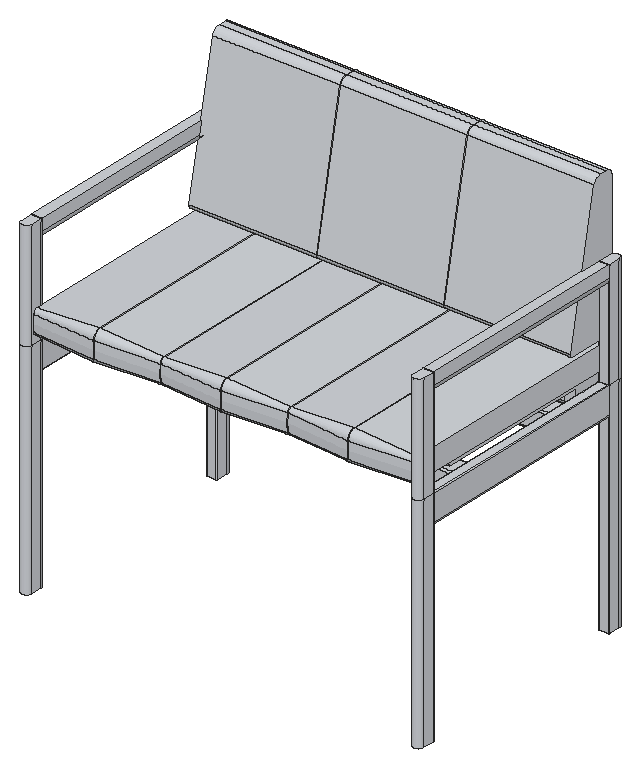
Revit family "Halo Bench", category Furniture, Revit 2015
Parameters (values of type "18dx 27w")
  URL = "http://www.halconfurniture.com/products/halo?slide=0"
  Offset = if(Arms, 0' 0 3/4", 0' 1 1/2")  # 0' - 0 3/4"
  No Arms = not(Arms)  # no
  Model = "Halo"
  Manufacturer = "HALCON Furniture"
  Cushion Depth = if([18d Cushion], 1' 3 1/2", 1' 6 1/2")  # 1' - 3 1/2"
  Cushion Array = Bench Width / 0' 9"  # 3
  Center Leg = Bench Width > 6' 0"  # no
  Bench Width = 2' - 3"
  Bench Depth = 0' - 9"
  Arms = yes
  21d Cushion = no
  18d Cushion = yes
Types (29): name | URL | Offset | No Arms | Model | Manufacturer | Cushion Depth | Cushion Array | Center Leg | Bench Width | Arms | 21d Cushion | 18d Cushion
  (no name) | "http://www.halconfurniture.com/products/halo?slide=0" | 0' - 0 3/4" | no | "Halo" | "HALCON Furniture" | 1' - 3 1/2" | 3 | no | 2' - 3" | yes | no | yes
  18dx144w | 0' - 0" | 0' - 0 3/4" | no | 0' - 0" | 0' - 0" | 1' - 3 1/2" | 16 | yes | 12' - 0" | yes | no | yes
  18dx135w | 0' - 0" | 0' - 0 3/4" | no | 0' - 0" | 0' - 0" | 1' - 3 1/2" | 15 | yes | 11' - 3" | yes | no | yes
  18dx126w | 0' - 0" | 0' - 0 3/4" | no | 0' - 0" | 0' - 0" | 1' - 3 1/2" | 14 | yes | 10' - 6" | yes | no | yes
  18dx117w | 0' - 0" | 0' - 0 3/4" | no | 0' - 0" | 0' - 0" | 1' - 3 1/2" | 13 | yes | 9' - 9" | yes | no | yes
  18dx108w | 0' - 0" | 0' - 0 3/4" | no | 0' - 0" | 0' - 0" | 1' - 3 1/2" | 12 | yes | 9' - 0" | yes | no | yes
  18dx 99w | 0' - 0" | 0' - 0 3/4" | no | 0' - 0" | 0' - 0" | 1' - 3 1/2" | 11 | yes | 8' - 3" | yes | no | yes
  18dx 90w | 0' - 0" | 0' - 0 3/4" | no | 0' - 0" | 0' - 0" | 1' - 3 1/2" | 10 | yes | 7' - 6" | yes | no | yes
  18dx 81w | 0' - 0" | 0' - 0 3/4" | no | 0' - 0" | 0' - 0" | 1' - 3 1/2" | 9 | yes | 6' - 9" | yes | no | yes
  18dx 72w | 0' - 0" | 0' - 0 3/4" | no | 0' - 0" | 0' - 0" | 1' - 3 1/2" | 8 | no | 6' - 0" | yes | no | yes
  18dx 63w | 0' - 0" | 0' - 0 3/4" | no | 0' - 0" | 0' - 0" | 1' - 3 1/2" | 7 | no | 5' - 3" | yes | no | yes
  18dx 54w | 0' - 0" | 0' - 0 3/4" | no | 0' - 0" | 0' - 0" | 1' - 3 1/2" | 6 | no | 4' - 6" | yes | no | yes
  18dx 45w | 0' - 0" | 0' - 0 3/4" | no | 0' - 0" | 0' - 0" | 1' - 3 1/2" | 5 | no | 3' - 9" | yes | no | yes
  18dx 36w | 0' - 0" | 0' - 1 1/2" | yes | 0' - 0" | 0' - 0" | 1' - 3 1/2" | 4 | no | 3' - 0" | no | no | yes
  18dx 27w | "http://www.halconfurniture.com/products/halo?slide=0" | 0' - 0 3/4" | no | "Halo" | "HALCON Furniture" | 1' - 3 1/2" | 3 | no | 2' - 3" | yes | no | yes
  21dx27w | 0' - 0" | 0' - 0 3/4" | no | 0' - 0" | 0' - 0" | 1' - 6 1/2" | 3 | no | 2' - 3" | yes | yes | no
  21dx36w | 0' - 0" | 0' - 1 1/2" | yes | 0' - 0" | 0' - 0" | 1' - 6 1/2" | 4 | no | 3' - 0" | no | yes | no
  21dx45w | 0' - 0" | 0' - 0 3/4" | no | 0' - 0" | 0' - 0" | 1' - 6 1/2" | 5 | no | 3' - 9" | yes | yes | no
  21dx54w | 0' - 0" | 0' - 0 3/4" | no | 0' - 0" | 0' - 0" | 1' - 6 1/2" | 6 | no | 4' - 6" | yes | yes | no
  21dx63w | 0' - 0" | 0' - 0 3/4" | no | 0' - 0" | 0' - 0" | 1' - 6 1/2" | 7 | no | 5' - 3" | yes | yes | no
  21dx72w | 0' - 0" | 0' - 0 3/4" | no | 0' - 0" | 0' - 0" | 1' - 6 1/2" | 8 | no | 6' - 0" | yes | yes | no
  21dx81w | 0' - 0" | 0' - 0 3/4" | no | 0' - 0" | 0' - 0" | 1' - 6 1/2" | 9 | yes | 6' - 9" | yes | yes | no
  21dx90w | 0' - 0" | 0' - 0 3/4" | no | 0' - 0" | 0' - 0" | 1' - 6 1/2" | 10 | yes | 7' - 6" | yes | yes | no
  21dx99w | 0' - 0" | 0' - 0 3/4" | no | 0' - 0" | 0' - 0" | 1' - 6 1/2" | 11 | yes | 8' - 3" | yes | yes | no
  21dx108w | 0' - 0" | 0' - 0 3/4" | no | 0' - 0" | 0' - 0" | 1' - 6 1/2" | 12 | yes | 9' - 0" | yes | yes | no
  21dx117w | 0' - 0" | 0' - 0 3/4" | no | 0' - 0" | 0' - 0" | 1' - 6 1/2" | 13 | yes | 9' - 9" | yes | yes | no
  21dx126w | 0' - 0" | 0' - 0 3/4" | no | 0' - 0" | 0' - 0" | 1' - 6 1/2" | 14 | yes | 10' - 6" | yes | yes | no
  21dx135w | 0' - 0" | 0' - 0 3/4" | no | 0' - 0" | 0' - 0" | 1' - 6 1/2" | 15 | yes | 11' - 3" | yes | yes | no
  21dx144w | "http://www.halconfurniture.com/products/halo?slide=0" | 0' - 0 3/4" | no | "Halo" | "HALCON Furniture" | 1' - 6 1/2" | 16 | yes | 12' - 0" | yes | yes | no
Reference planes (in)
  plane 1 "Center Front/Back": y = 0
  plane 2: z = 0
  plane 3 "Center Left/Right": x = 0
  plane 4: x = 4.5
  plane 5: x = -22.5
  plane 6: x = -9
  plane 7: x = 3.75
  plane 8: x = -21.75
Forms (in)
  Extrusion 1, solid, visible <- "Arms"
    sketch origin (4.875, 0, 0) x (1, 0, 0) y (0, 1, 0)
      loop
        arc (-0.375, 7.8125) -> (-0.35669, 7.76831) -> (-0.3125, 7.75) r 0.0625
        line (-0.3125, 7.75) -> (0.3125, 7.75)
        arc (0.3125, 7.75) -> (0.35669, 7.76831) -> (0.375, 7.8125) r 0.0625
        line (0.375, 7.8125) -> (0.375, 8.625)
        arc (0.375, 8.625) -> (0, 9) -> (-0.375, 8.625) r 0.375
        line (-0.375, 8.625) -> (-0.375, 7.8125)
      loop
        line (-0.375, -7.8125) -> (-0.375, -8.625)
        arc (-0.375, -8.625) -> (0, -9) -> (0.375, -8.625) r 0.375
        line (0.375, -8.625) -> (0.375, -7.8125)
        arc (0.375, -7.8125) -> (0.35669, -7.76831) -> (0.3125, -7.75) r 0.0625
        line (0.3125, -7.75) -> (-0.3125, -7.75)
        arc (-0.3125, -7.75) -> (-0.35669, -7.76831) -> (-0.375, -7.8125) r 0.0625
    from 0 to 15.75
  Extrusion 2, solid, visible <- "Arms"
    sketch origin (4.875, 0, 0) x (1, 0, 0) y (0, 0, 1)
      loop
        arc (-0.3125, 15.75) -> (-0.35669, 15.73169) -> (-0.375, 15.6875) r 0.0625
        line (-0.375, 15.6875) -> (-0.375, 13.8125)
        arc (-0.375, 13.8125) -> (-0.35669, 13.76831) -> (-0.3125, 13.75) r 0.0625
        line (-0.3125, 13.75) -> (0.3125, 13.75)
        arc (0.3125, 13.75) -> (0.35669, 13.76831) -> (0.375, 13.8125) r 0.0625
        line (0.375, 13.8125) -> (0.375, 15.6875)
        arc (0.375, 15.6875) -> (0.35669, 15.73169) -> (0.3125, 15.75) r 0.0625
        line (0.3125, 15.75) -> (-0.3125, 15.75)
    from -7.75 to 7.75
  Extrusion 3, solid, visible <- "Arms", not visible
    sketch origin (0, 0, 0) x (1, 0, 0) y (0, 1, 0)
      loop
        arc (-0.375, 7.8125) -> (-0.35669, 7.76831) -> (-0.3125, 7.75) r 0.0625
        line (-0.3125, 7.75) -> (0.3125, 7.75)
        arc (0.3125, 7.75) -> (0.35669, 7.76831) -> (0.375, 7.8125) r 0.0625
        line (0.375, 7.8125) -> (0.375, 8.625)
        arc (0.375, 8.625) -> (0, 9) -> (-0.375, 8.625) r 0.375
        line (-0.375, 8.625) -> (-0.375, 7.8125)
      loop
        line (-0.375, -7.8125) -> (-0.375, -8.625)
        arc (-0.375, -8.625) -> (0, -9) -> (0.375, -8.625) r 0.375
        line (0.375, -8.625) -> (0.375, -7.8125)
        arc (0.375, -7.8125) -> (0.35669, -7.76831) -> (0.3125, -7.75) r 0.0625
        line (0.3125, -7.75) -> (-0.3125, -7.75)
        arc (-0.3125, -7.75) -> (-0.35669, -7.76831) -> (-0.375, -7.8125) r 0.0625
    from 0 to 15.75
  Extrusion 4, solid, visible <- "Arms", not visible
    sketch origin (0, 0, 0) x (1, 0, 0) y (0, 0, 1)
      loop
        arc (-0.3125, 15.75) -> (-0.35669, 15.73169) -> (-0.375, 15.6875) r 0.0625
        line (-0.375, 15.6875) -> (-0.375, 13.8125)
        arc (-0.375, 13.8125) -> (-0.35669, 13.76831) -> (-0.3125, 13.75) r 0.0625
        line (-0.3125, 13.75) -> (0.3125, 13.75)
        arc (0.3125, 13.75) -> (0.35669, 13.76831) -> (0.375, 13.8125) r 0.0625
        line (0.375, 13.8125) -> (0.375, 15.6875)
        arc (0.375, 15.6875) -> (0.35669, 15.73169) -> (0.3125, 15.75) r 0.0625
        line (0.3125, 15.75) -> (-0.3125, 15.75)
    from -7.75 to 7.75
  Extrusion 5, solid
    sketch origin (3, 0, 0) x (0, 1, 0) y (0, 0, 1)
      loop
        line (-5.125, 16.25) -> (-5.125, 16.125) -> (-4.5, 15.5) -> (6.625, 15.5) -> (6.625, 13) -> (8.89645, 13)
        arc (8.89645, 13) -> (9.18659, 12.5054) -> (9.625, 12.875) r 0.375
        line (9.625, 12.875) -> (9.625, 26.62403)
        arc (9.625, 26.62403) -> (9.25, 26.99903) -> (8.875, 26.62403) r 0.375
        line (8.875, 26.62403) -> (8.875, 16.0625)
        arc (8.875, 16.0625) -> (8.74686, 15.75314) -> (8.4375, 15.625) r 0.4375
        line (8.4375, 15.625) -> (8.375, 15.625) -> (7.75, 16.25) -> (-5.125, 16.25)
    from 0 to 0.75
  Extrusion 6, solid
    sketch origin (0, 0, 0) x (0, 1, 0) y (0, 0, 1)
      loop
        circle (9.25, 26.62403) r 0.375
      loop
        circle (9.25, 12.875) r 0.375
    from -21 to 3
  Extrusion 7, solid
    sketch origin (0, 0, 0) x (0, 1, 0) y (0, 0, 1)
      loop
        arc (-4.86338, 15.5) -> (-4.95157, 15.45157) -> (-5, 15.36338) r 0.18
        line (-5, 15.36338) -> (-5, 14.13662)
        arc (-5, 14.13662) -> (-4.95157, 14.04843) -> (-4.86338, 14) r 0.18
        line (-4.86338, 14) -> (-3.63662, 14)
        arc (-3.63662, 14) -> (-3.54843, 14.04843) -> (-3.5, 14.13662) r 0.18
        line (-3.5, 14.13662) -> (-3.5, 15.36338)
        arc (-3.5, 15.36338) -> (-3.54843, 15.45157) -> (-3.63662, 15.5) r 0.18
        line (-3.63662, 15.5) -> (-4.86338, 15.5)
      loop
        arc (3.63662, 15.5) -> (3.54843, 15.45157) -> (3.5, 15.36338) r 0.18
        line (3.5, 15.36338) -> (3.5, 14.13662)
        arc (3.5, 14.13662) -> (3.54843, 14.04843) -> (3.63662, 14) r 0.18
        line (3.63662, 14) -> (4.86338, 14)
        arc (4.86338, 14) -> (4.95157, 14.04843) -> (5, 14.13662) r 0.18
        line (5, 14.13662) -> (5, 15.36338)
        arc (5, 15.36338) -> (4.95157, 15.45157) -> (4.86338, 15.5) r 0.18
        line (4.86338, 15.5) -> (3.63662, 15.5)
    from -22.5 to 4.5
  Extrusion 8, solid, visible <- "Arms"
    sketch origin (0, 0, 0) x (1, 0, 0) y (0, 1, 0)
      loop
        line (4.5625, 7.75) -> (5.1875, 7.75)
        arc (5.1875, 7.75) -> (5.23169, 7.76831) -> (5.25, 7.8125) r 0.0625
        line (5.25, 7.8125) -> (5.25, 8.625)
        arc (5.25, 8.625) -> (4.875, 9) -> (4.5, 8.625) r 0.375
        line (4.5, 8.625) -> (4.5, 7.8125)
        arc (4.5, 7.8125) -> (4.51831, 7.76831) -> (4.5625, 7.75) r 0.0625
      loop
        arc (4.5, -8.625) -> (4.875, -9) -> (5.25, -8.625) r 0.375
        line (5.25, -8.625) -> (5.25, -7.8125)
        arc (5.25, -7.8125) -> (5.23169, -7.76831) -> (5.1875, -7.75) r 0.0625
        line (5.1875, -7.75) -> (4.5625, -7.75)
        arc (4.5625, -7.75) -> (4.51831, -7.76831) -> (4.5, -7.8125) r 0.0625
        line (4.5, -7.8125) -> (4.5, -8.625)
    from 15.75 to 23.38672
  Extrusion 9, solid, visible <- "Arms"
    sketch origin (0, 0, 0) x (1, 0, 0) y (0, 0, 1)
      loop
        line (4.5, 23.38672) -> (4.5, 22.50972)
        arc (4.5, 22.50972) -> (4.875, 22.13472) -> (5.25, 22.50972) r 0.375
        line (5.25, 22.50972) -> (5.25, 23.38672) -> (4.5, 23.38672)
    from -7.75 to 7.75
  Extrusion 10, solid, visible <- "Arms", not visible
    sketch origin (0, 0, 0) x (1, 0, 0) y (0, 1, 0)
      loop
        line (4.5625, 7.75) -> (5.1875, 7.75)
        arc (5.1875, 7.75) -> (5.23169, 7.76831) -> (5.25, 7.8125) r 0.0625
        line (5.25, 7.8125) -> (5.25, 8.625)
        arc (5.25, 8.625) -> (4.875, 9) -> (4.5, 8.625) r 0.375
        line (4.5, 8.625) -> (4.5, 7.8125)
        arc (4.5, 7.8125) -> (4.51831, 7.76831) -> (4.5625, 7.75) r 0.0625
      loop
        arc (4.5, -8.625) -> (4.875, -9) -> (5.25, -8.625) r 0.375
        line (5.25, -8.625) -> (5.25, -7.8125)
        arc (5.25, -7.8125) -> (5.23169, -7.76831) -> (5.1875, -7.75) r 0.0625
        line (5.1875, -7.75) -> (4.5625, -7.75)
        arc (4.5625, -7.75) -> (4.51831, -7.76831) -> (4.5, -7.8125) r 0.0625
        line (4.5, -7.8125) -> (4.5, -8.625)
    from 15.75 to 23.38672
  Extrusion 11, solid, visible <- "Arms", not visible
    sketch origin (0, 0, 0) x (1, 0, 0) y (0, 0, 1)
      loop
        line (4.5, 23.38672) -> (4.5, 22.50972)
        arc (4.5, 22.50972) -> (4.875, 22.13472) -> (5.25, 22.50972) r 0.375
        line (5.25, 22.50972) -> (5.25, 23.38672) -> (4.5, 23.38672)
    from -7.75 to 7.75
  Extrusion 12, solid, visible <- "Arms"
    sketch origin (-22.875, 0, 0) x (1, 0, 0) y (0, 1, 0)
      loop
        arc (-0.375, 7.8125) -> (-0.35669, 7.76831) -> (-0.3125, 7.75) r 0.0625
        line (-0.3125, 7.75) -> (0.3125, 7.75)
        arc (0.3125, 7.75) -> (0.35669, 7.76831) -> (0.375, 7.8125) r 0.0625
        line (0.375, 7.8125) -> (0.375, 8.625)
        arc (0.375, 8.625) -> (0, 9) -> (-0.375, 8.625) r 0.375
        line (-0.375, 8.625) -> (-0.375, 7.8125)
      loop
        line (-0.375, -7.8125) -> (-0.375, -8.625)
        arc (-0.375, -8.625) -> (0, -9) -> (0.375, -8.625) r 0.375
        line (0.375, -8.625) -> (0.375, -7.8125)
        arc (0.375, -7.8125) -> (0.35669, -7.76831) -> (0.3125, -7.75) r 0.0625
        line (0.3125, -7.75) -> (-0.3125, -7.75)
        arc (-0.3125, -7.75) -> (-0.35669, -7.76831) -> (-0.375, -7.8125) r 0.0625
    from 0 to 15.75
  Extrusion 13, solid, visible <- "Arms"
    sketch origin (-22.875, 0, 0) x (1, 0, 0) y (0, 0, 1)
      loop
        arc (-0.3125, 15.75) -> (-0.35669, 15.73169) -> (-0.375, 15.6875) r 0.0625
        line (-0.375, 15.6875) -> (-0.375, 13.8125)
        arc (-0.375, 13.8125) -> (-0.35669, 13.76831) -> (-0.3125, 13.75) r 0.0625
        line (-0.3125, 13.75) -> (0.3125, 13.75)
        arc (0.3125, 13.75) -> (0.35669, 13.76831) -> (0.375, 13.8125) r 0.0625
        line (0.375, 13.8125) -> (0.375, 15.6875)
        arc (0.375, 15.6875) -> (0.35669, 15.73169) -> (0.3125, 15.75) r 0.0625
        line (0.3125, 15.75) -> (-0.3125, 15.75)
    from -7.75 to 7.75
  Extrusion 14, solid, visible <- "Arms"
    sketch origin (-27.75, 0, 0) x (1, 0, 0) y (0, 1, 0)
      loop
        line (4.5625, 7.75) -> (5.1875, 7.75)
        arc (5.1875, 7.75) -> (5.23169, 7.76831) -> (5.25, 7.8125) r 0.0625
        line (5.25, 7.8125) -> (5.25, 8.625)
        arc (5.25, 8.625) -> (4.875, 9) -> (4.5, 8.625) r 0.375
        line (4.5, 8.625) -> (4.5, 7.8125)
        arc (4.5, 7.8125) -> (4.51831, 7.76831) -> (4.5625, 7.75) r 0.0625
      loop
        arc (4.5, -8.625) -> (4.875, -9) -> (5.25, -8.625) r 0.375
        line (5.25, -8.625) -> (5.25, -7.8125)
        arc (5.25, -7.8125) -> (5.23169, -7.76831) -> (5.1875, -7.75) r 0.0625
        line (5.1875, -7.75) -> (4.5625, -7.75)
        arc (4.5625, -7.75) -> (4.51831, -7.76831) -> (4.5, -7.8125) r 0.0625
        line (4.5, -7.8125) -> (4.5, -8.625)
    from 15.75 to 23.38672
  Extrusion 15, solid, visible <- "Arms"
    sketch origin (-27.75, 0, 0) x (1, 0, 0) y (0, 0, 1)
      loop
        line (4.5, 23.38672) -> (4.5, 22.50972)
        arc (4.5, 22.50972) -> (4.875, 22.13472) -> (5.25, 22.50972) r 0.375
        line (5.25, 22.50972) -> (5.25, 23.38672) -> (4.5, 23.38672)
    from -7.75 to 7.75
  Extrusion 16, solid, visible <- "Center Leg", not visible
    sketch origin (0, 0, 0) x (1, 0, 0) y (0, 1, 0)
      loop
        arc (-0.375, 7.8125) -> (-0.35669, 7.76831) -> (-0.3125, 7.75) r 0.0625
        line (-0.3125, 7.75) -> (0.3125, 7.75)
        arc (0.3125, 7.75) -> (0.35669, 7.76831) -> (0.375, 7.8125) r 0.0625
        line (0.375, 7.8125) -> (0.375, 8.625)
        arc (0.375, 8.625) -> (0, 9) -> (-0.375, 8.625) r 0.375
        line (-0.375, 8.625) -> (-0.375, 7.8125)
      loop
        line (-0.375, -7.8125) -> (-0.375, -8.625)
        arc (-0.375, -8.625) -> (0, -9) -> (0.375, -8.625) r 0.375
        line (0.375, -8.625) -> (0.375, -7.8125)
        arc (0.375, -7.8125) -> (0.35669, -7.76831) -> (0.3125, -7.75) r 0.0625
        line (0.3125, -7.75) -> (-0.3125, -7.75)
        arc (-0.3125, -7.75) -> (-0.35669, -7.76831) -> (-0.375, -7.8125) r 0.0625
    from 0 to 15.75
  Extrusion 17, solid, visible <- "Center Leg", not visible
    sketch origin (0, 0, 0) x (1, 0, 0) y (0, 0, 1)
      loop
        arc (-0.3125, 15.75) -> (-0.35669, 15.73169) -> (-0.375, 15.6875) r 0.0625
        line (-0.375, 15.6875) -> (-0.375, 13.8125)
        arc (-0.375, 13.8125) -> (-0.35669, 13.76831) -> (-0.3125, 13.75) r 0.0625
        line (-0.3125, 13.75) -> (0.3125, 13.75)
        arc (0.3125, 13.75) -> (0.35669, 13.76831) -> (0.375, 13.8125) r 0.0625
        line (0.375, 13.8125) -> (0.375, 15.6875)
        arc (0.375, 15.6875) -> (0.35669, 15.73169) -> (0.3125, 15.75) r 0.0625
        line (0.3125, 15.75) -> (-0.3125, 15.75)
    from -7.75 to 7.75
  Extrusion 18, solid, visible <- "Center Leg"
    sketch origin (-9, 0, 0) x (1, 0, 0) y (0, 1, 0)
      loop
        arc (-0.375, 7.8125) -> (-0.35669, 7.76831) -> (-0.3125, 7.75) r 0.0625
        line (-0.3125, 7.75) -> (0.3125, 7.75)
        arc (0.3125, 7.75) -> (0.35669, 7.76831) -> (0.375, 7.8125) r 0.0625
        line (0.375, 7.8125) -> (0.375, 8.625)
        arc (0.375, 8.625) -> (0, 9) -> (-0.375, 8.625) r 0.375
        line (-0.375, 8.625) -> (-0.375, 7.8125)
      loop
        line (-0.375, -7.8125) -> (-0.375, -8.625)
        arc (-0.375, -8.625) -> (0, -9) -> (0.375, -8.625) r 0.375
        line (0.375, -8.625) -> (0.375, -7.8125)
        arc (0.375, -7.8125) -> (0.35669, -7.76831) -> (0.3125, -7.75) r 0.0625
        line (0.3125, -7.75) -> (-0.3125, -7.75)
        arc (-0.3125, -7.75) -> (-0.35669, -7.76831) -> (-0.375, -7.8125) r 0.0625
    from 0 to 15.75
  Extrusion 19, solid, visible <- "Center Leg"
    sketch origin (-9, 0, 0) x (1, 0, 0) y (0, 0, 1)
      loop
        arc (-0.3125, 15.75) -> (-0.35669, 15.73169) -> (-0.375, 15.6875) r 0.0625
        line (-0.375, 15.6875) -> (-0.375, 13.8125)
        arc (-0.375, 13.8125) -> (-0.35669, 13.76831) -> (-0.3125, 13.75) r 0.0625
        line (-0.3125, 13.75) -> (0.3125, 13.75)
        arc (0.3125, 13.75) -> (0.35669, 13.76831) -> (0.375, 13.8125) r 0.0625
        line (0.375, 13.8125) -> (0.375, 15.6875)
        arc (0.375, 15.6875) -> (0.35669, 15.73169) -> (0.3125, 15.75) r 0.0625
        line (0.3125, 15.75) -> (-0.3125, 15.75)
    from -7.75 to 7.75
  Extrusion 20, solid, visible <- "No Arms"
    sketch origin (-22.125, 0, 0) x (1, 0, 0) y (0, 1, 0)
      loop
        arc (-0.375, 7.8125) -> (-0.35669, 7.76831) -> (-0.3125, 7.75) r 0.0625
        line (-0.3125, 7.75) -> (0.3125, 7.75)
        arc (0.3125, 7.75) -> (0.35669, 7.76831) -> (0.375, 7.8125) r 0.0625
        line (0.375, 7.8125) -> (0.375, 8.625)
        arc (0.375, 8.625) -> (0, 9) -> (-0.375, 8.625) r 0.375
        line (-0.375, 8.625) -> (-0.375, 7.8125)
      loop
        line (-0.375, -7.8125) -> (-0.375, -8.625)
        arc (-0.375, -8.625) -> (0, -9) -> (0.375, -8.625) r 0.375
        line (0.375, -8.625) -> (0.375, -7.8125)
        arc (0.375, -7.8125) -> (0.35669, -7.76831) -> (0.3125, -7.75) r 0.0625
        line (0.3125, -7.75) -> (-0.3125, -7.75)
        arc (-0.3125, -7.75) -> (-0.35669, -7.76831) -> (-0.375, -7.8125) r 0.0625
    from 0 to 15.75
  Extrusion 21, solid, visible <- "No Arms"
    sketch origin (-22.125, 0, 0) x (1, 0, 0) y (0, 0, 1)
      loop
        arc (-0.3125, 15.75) -> (-0.35669, 15.73169) -> (-0.375, 15.6875) r 0.0625
        line (-0.375, 15.6875) -> (-0.375, 13.8125)
        arc (-0.375, 13.8125) -> (-0.35669, 13.76831) -> (-0.3125, 13.75) r 0.0625
        line (-0.3125, 13.75) -> (0.3125, 13.75)
        arc (0.3125, 13.75) -> (0.35669, 13.76831) -> (0.375, 13.8125) r 0.0625
        line (0.375, 13.8125) -> (0.375, 15.6875)
        arc (0.375, 15.6875) -> (0.35669, 15.73169) -> (0.3125, 15.75) r 0.0625
        line (0.3125, 15.75) -> (-0.3125, 15.75)
    from -7.75 to 7.75
  Extrusion 22, solid, visible <- "No Arms", not visible
    sketch origin (0, 0, 0) x (1, 0, 0) y (0, 1, 0)
      loop
        arc (-0.375, 7.8125) -> (-0.35669, 7.76831) -> (-0.3125, 7.75) r 0.0625
        line (-0.3125, 7.75) -> (0.3125, 7.75)
        arc (0.3125, 7.75) -> (0.35669, 7.76831) -> (0.375, 7.8125) r 0.0625
        line (0.375, 7.8125) -> (0.375, 8.625)
        arc (0.375, 8.625) -> (0, 9) -> (-0.375, 8.625) r 0.375
        line (-0.375, 8.625) -> (-0.375, 7.8125)
      loop
        line (-0.375, -7.8125) -> (-0.375, -8.625)
        arc (-0.375, -8.625) -> (0, -9) -> (0.375, -8.625) r 0.375
        line (0.375, -8.625) -> (0.375, -7.8125)
        arc (0.375, -7.8125) -> (0.35669, -7.76831) -> (0.3125, -7.75) r 0.0625
        line (0.3125, -7.75) -> (-0.3125, -7.75)
        arc (-0.3125, -7.75) -> (-0.35669, -7.76831) -> (-0.375, -7.8125) r 0.0625
    from 0 to 15.75
  Extrusion 23, solid, visible <- "No Arms", not visible
    sketch origin (0, 0, 0) x (1, 0, 0) y (0, 0, 1)
      loop
        arc (-0.3125, 15.75) -> (-0.35669, 15.73169) -> (-0.375, 15.6875) r 0.0625
        line (-0.375, 15.6875) -> (-0.375, 13.8125)
        arc (-0.375, 13.8125) -> (-0.35669, 13.76831) -> (-0.3125, 13.75) r 0.0625
        line (-0.3125, 13.75) -> (0.3125, 13.75)
        arc (0.3125, 13.75) -> (0.35669, 13.76831) -> (0.375, 13.8125) r 0.0625
        line (0.375, 13.8125) -> (0.375, 15.6875)
        arc (0.375, 15.6875) -> (0.35669, 15.73169) -> (0.3125, 15.75) r 0.0625
        line (0.3125, 15.75) -> (-0.3125, 15.75)
    from -7.75 to 7.75
  Extrusion 24, solid, visible <- "No Arms"
    sketch origin (4.125, 0, 0) x (1, 0, 0) y (0, 1, 0)
      loop
        arc (-0.375, 7.8125) -> (-0.35669, 7.76831) -> (-0.3125, 7.75) r 0.0625
        line (-0.3125, 7.75) -> (0.3125, 7.75)
        arc (0.3125, 7.75) -> (0.35669, 7.76831) -> (0.375, 7.8125) r 0.0625
        line (0.375, 7.8125) -> (0.375, 8.625)
        arc (0.375, 8.625) -> (0, 9) -> (-0.375, 8.625) r 0.375
        line (-0.375, 8.625) -> (-0.375, 7.8125)
      loop
        line (-0.375, -7.8125) -> (-0.375, -8.625)
        arc (-0.375, -8.625) -> (0, -9) -> (0.375, -8.625) r 0.375
        line (0.375, -8.625) -> (0.375, -7.8125)
        arc (0.375, -7.8125) -> (0.35669, -7.76831) -> (0.3125, -7.75) r 0.0625
        line (0.3125, -7.75) -> (-0.3125, -7.75)
        arc (-0.3125, -7.75) -> (-0.35669, -7.76831) -> (-0.375, -7.8125) r 0.0625
    from 0 to 15.75
  Extrusion 25, solid, visible <- "No Arms"
    sketch origin (4.125, 0, 0) x (1, 0, 0) y (0, 0, 1)
      loop
        arc (-0.3125, 15.75) -> (-0.35669, 15.73169) -> (-0.375, 15.6875) r 0.0625
        line (-0.375, 15.6875) -> (-0.375, 13.8125)
        arc (-0.375, 13.8125) -> (-0.35669, 13.76831) -> (-0.3125, 13.75) r 0.0625
        line (-0.3125, 13.75) -> (0.3125, 13.75)
        arc (0.3125, 13.75) -> (0.35669, 13.76831) -> (0.375, 13.8125) r 0.0625
        line (0.375, 13.8125) -> (0.375, 15.6875)
        arc (0.375, 15.6875) -> (0.35669, 15.73169) -> (0.3125, 15.75) r 0.0625
        line (0.3125, 15.75) -> (-0.3125, 15.75)
    from -7.75 to 7.75
  Extrusion 26, solid, not visible
    sketch origin (3, 0, 0) x (0, 1, 0) y (0, 0, 1)
      loop
        line (-5.125, 16.25) -> (-5.125, 16.125) -> (-4.5, 15.5) -> (6.625, 15.5) -> (6.625, 13) -> (8.89645, 13)
        arc (8.89645, 13) -> (9.18659, 12.5054) -> (9.625, 12.875) r 0.375
        line (9.625, 12.875) -> (9.625, 26.62403)
        arc (9.625, 26.62403) -> (9.25, 26.99903) -> (8.875, 26.62403) r 0.375
        line (8.875, 26.62403) -> (8.875, 16.0625)
        arc (8.875, 16.0625) -> (8.74686, 15.75314) -> (8.4375, 15.625) r 0.4375
        line (8.4375, 15.625) -> (8.375, 15.625) -> (7.75, 16.25) -> (-5.125, 16.25)
    from 0 to 0.75
  Extrusion 27, solid
    sketch origin (-21.75, 0, 0) x (0, 1, 0) y (0, 0, 1)
      loop
        line (-5.125, 16.25) -> (-5.125, 16.125) -> (-4.5, 15.5) -> (6.625, 15.5) -> (6.625, 13) -> (8.89645, 13)
        arc (8.89645, 13) -> (9.18659, 12.5054) -> (9.625, 12.875) r 0.375
        line (9.625, 12.875) -> (9.625, 26.62403)
        arc (9.625, 26.62403) -> (9.25, 26.99903) -> (8.875, 26.62403) r 0.375
        line (8.875, 26.62403) -> (8.875, 16.0625)
        arc (8.875, 16.0625) -> (8.74686, 15.75314) -> (8.4375, 15.625) r 0.4375
        line (8.4375, 15.625) -> (8.375, 15.625) -> (7.75, 16.25) -> (-5.125, 16.25)
    from 0 to 0.75
Dimensions and locks (in)
  locked: Extrusion 1 sketch curve to Extrusion 1 sketch curve at 0.75  (x2)
  locked: Extrusion 1 sketch curve to Extrusion 1 sketch curve at 0.875  (x2)
  locked: Extrusion 3 sketch curve to Extrusion 3 sketch curve at 0.75  (x2)
  locked: Extrusion 3 sketch curve to Extrusion 3 sketch curve at 0.875  (x2)
  equal spacing: group 5, group 4, group 3
  equal spacing: group 3, group 4, group 5  (x2)
  "Bench Width": plane 5 to plane 4
  locked: Extrusion 12 sketch curve to Extrusion 12 sketch curve at 0.75  (x2)
  locked: Extrusion 12 sketch curve to Extrusion 12 sketch curve at 0.875  (x2)
  equal spacing: plane 4, plane 6, plane 5
  locked: Extrusion 16 sketch curve to Extrusion 16 sketch curve at 0.75  (x2)
  locked: Extrusion 16 sketch curve to Extrusion 16 sketch curve at 0.875  (x2)
  plane 4 to plane 5 = 2' - 3"
  locked: Extrusion 18 sketch curve to Extrusion 18 sketch curve at 0.75  (x2)
  locked: Extrusion 18 sketch curve to Extrusion 18 sketch curve at 0.875  (x2)
  Extrusion 19 to plane 6 to Extrusion 19 = 0' - 0 3/8" locked, 0' - 0 3/8" locked
  locked: Extrusion 20 sketch curve to Extrusion 20 sketch curve at 0.75  (x2)
  locked: Extrusion 20 sketch curve to Extrusion 20 sketch curve at 0.875  (x2)
  locked: Extrusion 22 sketch curve to Extrusion 22 sketch curve at 0.75  (x2)
  locked: Extrusion 22 sketch curve to Extrusion 22 sketch curve at 0.875  (x2)
  locked: Extrusion 24 sketch curve to Extrusion 24 sketch curve at 0.75  (x2)
  locked: Extrusion 24 sketch curve to Extrusion 24 sketch curve at 0.875  (x2)
  "Offset": plane 8 to plane 5
  "Offset": plane 4 to plane 7
  aligned and locked: level to plane 2
  aligned and locked: Extrusion 2 to Extrusion 1  (x2)
  aligned and locked: nested 1 to Extrusion 2
  aligned and locked: Extrusion 6 to Extrusion 5
  aligned and locked: Extrusion 7 to Extrusion 2
  aligned and locked: Extrusion 9 to Extrusion 8  (x2)
  aligned and locked: plane 4 to nested 1
  aligned and locked: Extrusion 13 to Extrusion 12  (x2)
  aligned and locked: plane 5 to Extrusion 12
  aligned and locked: Extrusion 15 to Extrusion 14  (x2)
  aligned and locked: plane 5 to Extrusion 15
  aligned and locked: Extrusion 19 to Extrusion 18  (x2)
  aligned and locked: Extrusion 21 to Extrusion 20  (x2)
  aligned and locked: Extrusion 21 to plane 5
  aligned and locked: Extrusion 25 to Extrusion 24  (x2)
  aligned and locked: plane 4 to Extrusion 25
  aligned and locked: plane 7 to Extrusion 5
  aligned and locked: Extrusion 27 to plane 8
  aligned and locked: Extrusion 6 to Extrusion 27
  aligned and locked: Extrusion 7 to plane 5
Automatic sketch dimensions
  Extrusion 8 sketch curve to Extrusion 8 sketch curve = 0' - 0 1/16"  (x5)
  Extrusion 8 sketch curve to Extrusion 8 sketch curve = 0' - 0 3/8"  (x2)
  Extrusion 8 sketch curve to Extrusion 8 sketch curve = 0' - 0 13/16"  (x2)
  Extrusion 9 sketch curve to Extrusion 9 sketch curve = 0' - 0 3/8"
  Extrusion 9 sketch curve to Extrusion 9 sketch curve = 0' - 0.877"
  Extrusion 8 sketch curve to Extrusion 8 sketch curve = 1' - 3 1/2"
  Extrusion 10 sketch curve to Extrusion 10 sketch curve = 0' - 0 1/16"  (x5)
  Extrusion 10 sketch curve to Extrusion 10 sketch curve = 0' - 0 3/8"  (x2)
  Extrusion 10 sketch curve to Extrusion 10 sketch curve = 0' - 0 13/16"  (x2)
  Extrusion 11 sketch curve to Extrusion 11 sketch curve = 0' - 0 3/8"
  Extrusion 11 sketch curve to Extrusion 11 sketch curve = 0' - 0.877"
  Extrusion 10 sketch curve to Extrusion 10 sketch curve = 1' - 3 1/2"
  Extrusion 14 sketch curve to Extrusion 14 sketch curve = 0' - 0 1/16"  (x5)
  Extrusion 14 sketch curve to Extrusion 14 sketch curve = 0' - 0 3/8"  (x2)
  Extrusion 14 sketch curve to Extrusion 14 sketch curve = 0' - 0 13/16"  (x2)
  Extrusion 15 sketch curve to Extrusion 15 sketch curve = 0' - 0 3/8"
  Extrusion 15 sketch curve to Extrusion 15 sketch curve = 0' - 0.877"
  Extrusion 14 sketch curve to Extrusion 14 sketch curve = 1' - 3 1/2"
  Extrusion 5 sketch curve to Extrusion 5 sketch curve = 0' - 0 5/8"  (x3)
  Extrusion 5 sketch curve to Extrusion 5 sketch curve = 0' - 1 1/8"
  Extrusion 5 sketch curve to Extrusion 5 sketch curve = 0' - 0 1/16"
  Extrusion 5 sketch curve to Extrusion 5 sketch curve = 0' - 0 7/16"
  Extrusion 5 sketch curve to Extrusion 5 sketch curve = 0' - 2.27145"
  Extrusion 5 sketch curve to Extrusion 5 sketch curve = 0' - 0.35355"
  Extrusion 5 sketch curve to Extrusion 5 sketch curve = 0' - 0 3/8"
  Extrusion 5 sketch curve to Extrusion 5 sketch curve = 0' - 2 1/2"
  Extrusion 5 sketch curve to Extrusion 5 sketch curve = 0' - 0 1/8"
  Extrusion 5 sketch curve to Extrusion 5 sketch curve = 0' - 0 3/16"
  Extrusion 5 sketch curve to Extrusion 5 sketch curve = 0' - 10.37403"
  Extrusion 6 sketch curve to plane 1 "Center Front/Back" = 0' - 9 1/4"  (x2)
  level to Extrusion 6 sketch curve = 1' - 0 7/8"
  Extrusion 6 sketch curve to Extrusion 6 sketch curve = 1' - 1.74903"
  plane 1 "Center Front/Back" to Extrusion 7 sketch curve = 0' - 5"
  Extrusion 7 sketch curve to Extrusion 7 sketch curve = 0' - 0.13662"  (x8)
  Extrusion 7 sketch curve to Extrusion 7 sketch curve = 0' - 0.17571"  (x4)
  Extrusion 7 sketch curve to Extrusion 7 sketch curve = 0' - 0.03908"  (x8)
  Extrusion 7 sketch curve to Extrusion 7 sketch curve = 0' - 1.14859"  (x6)
  Extrusion 7 sketch curve to Extrusion 7 sketch curve = 0' - 0"  (x3)
  Extrusion 7 sketch curve to plane 1 "Center Front/Back" = 0' - 3 1/2"
  level to Extrusion 7 sketch curve = 1' - 2"
  Extrusion 5 sketch curve to Extrusion 5 sketch curve = 0' - 11 1/8"
  Extrusion 26 sketch curve to Extrusion 26 sketch curve = 0' - 0 5/8"  (x3)
  Extrusion 26 sketch curve to Extrusion 26 sketch curve = 0' - 1 1/8"
  Extrusion 26 sketch curve to Extrusion 26 sketch curve = 0' - 0 1/16"
  Extrusion 26 sketch curve to Extrusion 26 sketch curve = 0' - 0 7/16"
  Extrusion 26 sketch curve to Extrusion 26 sketch curve = 0' - 2.27145"
  Extrusion 26 sketch curve to Extrusion 26 sketch curve = 0' - 0.35355"
  Extrusion 26 sketch curve to Extrusion 26 sketch curve = 0' - 0 3/8"
  Extrusion 26 sketch curve to Extrusion 26 sketch curve = 0' - 2 1/2"
  Extrusion 26 sketch curve to Extrusion 26 sketch curve = 0' - 0 1/8"
  Extrusion 26 sketch curve to Extrusion 26 sketch curve = 0' - 0 3/16"
  Extrusion 26 sketch curve to Extrusion 26 sketch curve = 0' - 10.37403"
  Extrusion 26 sketch curve to Extrusion 26 sketch curve = 0' - 11 1/8"
  Extrusion 27 sketch curve to Extrusion 27 sketch curve = 0' - 0 5/8"  (x3)
  Extrusion 27 sketch curve to Extrusion 27 sketch curve = 0' - 1 1/8"
  Extrusion 27 sketch curve to Extrusion 27 sketch curve = 0' - 0 1/16"
  Extrusion 27 sketch curve to Extrusion 27 sketch curve = 0' - 0 7/16"
  Extrusion 27 sketch curve to Extrusion 27 sketch curve = 0' - 2.27145"
  Extrusion 27 sketch curve to Extrusion 27 sketch curve = 0' - 0.35355"
  Extrusion 27 sketch curve to Extrusion 27 sketch curve = 0' - 0 3/8"
  Extrusion 27 sketch curve to Extrusion 27 sketch curve = 0' - 2 1/2"
  Extrusion 27 sketch curve to Extrusion 27 sketch curve = 0' - 0 1/8"
  Extrusion 27 sketch curve to Extrusion 27 sketch curve = 0' - 0 3/16"
  Extrusion 27 sketch curve to Extrusion 27 sketch curve = 0' - 10.37403"
  Extrusion 27 sketch curve to Extrusion 27 sketch curve = 0' - 11 1/8"
  Extrusion 12 sketch curve to Extrusion 12 sketch curve = 0' - 0 1/16"  (x4)
  Extrusion 1 sketch curve to Extrusion 1 sketch curve = 0' - 0 1/16"  (x4)
  Extrusion 3 sketch curve to Extrusion 3 sketch curve = 0' - 0 1/16"  (x4)
  Extrusion 12 sketch curve to Extrusion 12 sketch curve = 0' - 0 11/16"
  Extrusion 12 sketch curve to Extrusion 12 sketch curve = 1' - 3 1/2"
  Extrusion 1 sketch curve to Extrusion 1 sketch curve = 0' - 0 11/16"
  Extrusion 1 sketch curve to Extrusion 1 sketch curve = 1' - 3 1/2"
  Extrusion 3 sketch curve to Extrusion 3 sketch curve = 0' - 0 11/16"
  Extrusion 3 sketch curve to Extrusion 3 sketch curve = 1' - 3 1/2"
  radius of Extrusion 6 sketch curve = 0' - 0 3/8"  (x2)
Nested families (in)
  nested 1: "Bench_Cushion" at (0, 5.0868, 0), 18d <- "18d Cushion", 21d <- "21d Cushion", type "Bench_Cushion"
    with 21d no, 18d yes
  nested 2: "Bench_Cushion" at (-9, 5.0868, 0), 18d <- "18d Cushion", 21d <- "21d Cushion", type "Bench_Cushion"
    with 21d no, 18d yes
  nested 3: "Bench_Cushion" at (-18, 5.08681, 0), 18d <- "18d Cushion", 21d <- "21d Cushion", type "Bench_Cushion"
    with 21d no, 18d yes
Definition of nested family "Bench_Cushion"
  Parameters (values of type "Bench_Cushion")
    21d [instance] = yes
    18d [instance] = yes
  Reference planes (in)
    plane 1 "Center Front/Back": y = 0
    plane 2: z = 0
    plane 3 "Center Left/Right": x = 0
  Forms (in)
    SweptBlend 1, solid, visible <- "18d"
      path origin (-48.96867, 0, 0) x (1, 0, 0) y (0, 0, 1)
        loop
          line (44.46867, 16.27894) -> (48.96867, 16.27894)
      profile origin (-4.5, 0, 16.27894) x (0, 0, 1) y (0, -1, 0)
        loop
          line (0.07893, 13.46906) -> (0.07893, -3.53897)
          arc (0.07893, -3.53897) -> (0.10694, -3.61805) -> (0.17847, -3.66189) r 0.12567
          arc (0.17847, -3.66189) -> (0.7995, -3.71042) -> (1.42184, -3.68359) r 5.14781
          arc (1.42184, -3.68359) -> (1.6104, -3.58765) -> (1.68611, -3.39009) r 0.29476
          arc (1.68611, -3.39009) -> (1.87778, 4.97117) -> (1.68611, 13.33243) r 182.47477
          arc (1.68611, 13.33243) -> (1.60051, 13.51556) -> (1.4238, 13.61373) r 0.32802
          arc (1.4238, 13.61373) -> (0.79818, 13.64327) -> (0.17399, 13.59191) r 4.84821
          arc (0.17399, 13.59191) -> (0.10547, 13.54673) -> (0.07893, 13.46906) r 0.12692
      end profile origin (0, 0, 16.27894) x (0, 0, 1) y (0, -1, 0)
        loop
          line (0.00792, 13.71766) -> (0.00792, -3.78234)
          arc (0.00792, -3.78234) -> (0.05106, -3.8865) -> (0.15522, -3.92964) r 0.1473
          arc (0.15522, -3.92964) -> (0.77548, -3.97926) -> (1.3971, -3.95132) r 4.99079
          arc (1.3971, -3.95132) -> (1.79394, -3.78694) -> (1.95832, -3.3901) r 0.56122
          arc (1.95832, -3.3901) -> (2.18388, 4.96766) -> (1.95832, 13.32542) r 154.94924
          arc (1.95832, 13.32542) -> (1.79394, 13.72226) -> (1.3971, 13.88664) r 0.56122
          arc (1.3971, 13.88664) -> (0.77548, 13.91459) -> (0.15522, 13.86497) r 4.99079
          arc (0.15522, 13.86497) -> (0.05106, 13.82182) -> (0.00792, 13.71766) r 0.1473
    SweptBlend 2, solid, visible <- "18d"
      path origin (48.96867, 0, 0) x (-1, 0, 0) y (0, 0, 1)
        loop
          line (44.46867, 16.27894) -> (48.96867, 16.27894)
      profile origin (4.5, 0, 16.27894) x (0, 0, -1) y (0, -1, 0)
        loop
          arc (-0.07893, 13.46906) -> (-0.10547, 13.54673) -> (-0.17399, 13.59191) r 0.12692
          arc (-0.17399, 13.59191) -> (-0.79818, 13.64327) -> (-1.4238, 13.61373) r 4.84821
          arc (-1.4238, 13.61373) -> (-1.60051, 13.51556) -> (-1.68611, 13.33243) r 0.32802
          arc (-1.68611, 13.33243) -> (-1.87778, 4.97117) -> (-1.68611, -3.39009) r 182.47477
          arc (-1.68611, -3.39009) -> (-1.6104, -3.58765) -> (-1.42184, -3.68359) r 0.29476
          arc (-1.42184, -3.68359) -> (-0.7995, -3.71042) -> (-0.17847, -3.66189) r 5.14781
          arc (-0.17847, -3.66189) -> (-0.10694, -3.61805) -> (-0.07893, -3.53897) r 0.12567
          line (-0.07893, -3.53897) -> (-0.07893, 13.46906)
      end profile origin (0, 0, 16.27894) x (0, 0, -1) y (0, -1, 0)
        loop
          arc (-0.00792, 13.71766) -> (-0.05106, 13.82182) -> (-0.15522, 13.86497) r 0.1473
          arc (-0.15522, 13.86497) -> (-0.77548, 13.91459) -> (-1.3971, 13.88664) r 4.99079
          arc (-1.3971, 13.88664) -> (-1.79394, 13.72226) -> (-1.95832, 13.32542) r 0.56122
          arc (-1.95832, 13.32542) -> (-2.18388, 4.96766) -> (-1.95832, -3.3901) r 154.94924
          arc (-1.95832, -3.3901) -> (-1.79394, -3.78694) -> (-1.3971, -3.95132) r 0.56122
          arc (-1.3971, -3.95132) -> (-0.77548, -3.97926) -> (-0.15522, -3.92964) r 4.99079
          arc (-0.15522, -3.92964) -> (-0.05106, -3.8865) -> (-0.00792, -3.78234) r 0.1473
          line (-0.00792, -3.78234) -> (-0.00792, 13.71766)
    Extrusion 3, solid
      sketch origin (-44.87426, 0, 0) x (0, 1, 0) y (0, 0, 1)
        loop
          arc (2.27643, 28.35743) -> (1.05856, 23.46671) -> (0.19328, 18.50147) r 70.49062
          arc (0.19328, 18.50147) -> (0.23729, 18.34879) -> (0.38, 18.27894) r 0.19595
          line (0.38, 18.27894) -> (3.68982, 18.27894)
          arc (3.68982, 18.27894) -> (3.75938, 18.30775) -> (3.78819, 18.37731) r 0.09837
          line (3.78819, 18.37731) -> (3.78819, 28.40439)
          arc (3.78819, 28.40439) -> (3.67754, 28.67153) -> (3.4104, 28.78218) r 0.37779
          line (3.4104, 28.78218) -> (2.854, 28.78218)
          arc (2.854, 28.78218) -> (2.49553, 28.66456) -> (2.27643, 28.35743) r 0.60506
      from 40.37426 to 49.37426
    SweptBlend 4, solid, visible <- "21d"
      path origin (48.96867, 0, 0) x (-1, 0, 0) y (0, 0, 1)
        loop
          line (44.46867, 16.27894) -> (48.96867, 16.27894)
      profile origin (4.5, 0, 16.27894) x (0, 0, -1) y (0, -1, 0)
        loop
          arc (-0.07893, 16.46906) -> (-0.10547, 16.54673) -> (-0.17399, 16.59191) r 0.12692
          arc (-0.17399, 16.59191) -> (-0.79818, 16.64327) -> (-1.4238, 16.61373) r 4.84821
          arc (-1.4238, 16.61373) -> (-1.60051, 16.51556) -> (-1.68611, 16.33243) r 0.32802
          arc (-1.68611, 16.33243) -> (-1.91216, 6.47117) -> (-1.68611, -3.39009) r 215.21053
          arc (-1.68611, -3.39009) -> (-1.6104, -3.58765) -> (-1.42184, -3.68359) r 0.29476
          arc (-1.42184, -3.68359) -> (-0.7995, -3.71042) -> (-0.17847, -3.66189) r 5.14781
          arc (-0.17847, -3.66189) -> (-0.10694, -3.61805) -> (-0.07893, -3.53897) r 0.12567
          line (-0.07893, -3.53897) -> (-0.07893, 16.46906)
      end profile origin (0, 0, 16.27894) x (0, 0, -1) y (0, -1, 0)
        loop
          arc (-0.00792, 16.71766) -> (-0.05106, 16.82182) -> (-0.15522, 16.86497) r 0.1473
          arc (-0.15522, 16.86497) -> (-0.77548, 16.91459) -> (-1.3971, 16.88664) r 4.99079
          arc (-1.3971, 16.88664) -> (-1.79394, 16.72226) -> (-1.95832, 16.32542) r 0.56122
          arc (-1.95832, 16.32542) -> (-2.22437, 6.46766) -> (-1.95832, -3.3901) r 182.75859
          arc (-1.95832, -3.3901) -> (-1.79394, -3.78694) -> (-1.3971, -3.95132) r 0.56122
          arc (-1.3971, -3.95132) -> (-0.77548, -3.97926) -> (-0.15522, -3.92964) r 4.99079
          arc (-0.15522, -3.92964) -> (-0.05106, -3.8865) -> (-0.00792, -3.78234) r 0.1473
          line (-0.00792, -3.78234) -> (-0.00792, 16.71766)
    SweptBlend 5, solid, visible <- "21d"
      path origin (-48.96867, 0, 0) x (1, 0, 0) y (0, 0, 1)
        loop
          line (44.46867, 16.27894) -> (48.96867, 16.27894)
      profile origin (-4.5, 0, 16.27894) x (0, 0, 1) y (0, -1, 0)
        loop
          line (0.07893, 16.46906) -> (0.07893, -3.53897)
          arc (0.07893, -3.53897) -> (0.10694, -3.61805) -> (0.17847, -3.66189) r 0.12567
          arc (0.17847, -3.66189) -> (0.7995, -3.71042) -> (1.42184, -3.68359) r 5.14781
          arc (1.42184, -3.68359) -> (1.6104, -3.58765) -> (1.68611, -3.39009) r 0.29476
          arc (1.68611, -3.39009) -> (1.91216, 6.47117) -> (1.68611, 16.33243) r 215.21053
          arc (1.68611, 16.33243) -> (1.60051, 16.51556) -> (1.4238, 16.61373) r 0.32802
          arc (1.4238, 16.61373) -> (0.79818, 16.64327) -> (0.17399, 16.59191) r 4.84821
          arc (0.17399, 16.59191) -> (0.10547, 16.54673) -> (0.07893, 16.46906) r 0.12692
      end profile origin (0, 0, 16.27894) x (0, 0, 1) y (0, -1, 0)
        loop
          line (0.00792, 16.71766) -> (0.00792, -3.78234)
          arc (0.00792, -3.78234) -> (0.05106, -3.8865) -> (0.15522, -3.92964) r 0.1473
          arc (0.15522, -3.92964) -> (0.77548, -3.97926) -> (1.3971, -3.95132) r 4.99079
          arc (1.3971, -3.95132) -> (1.79394, -3.78694) -> (1.95832, -3.3901) r 0.56122
          arc (1.95832, -3.3901) -> (2.22437, 6.46766) -> (1.95832, 16.32542) r 182.75859
          arc (1.95832, 16.32542) -> (1.79394, 16.72226) -> (1.3971, 16.88664) r 0.56122
          arc (1.3971, 16.88664) -> (0.77548, 16.91459) -> (0.15522, 16.86497) r 4.99079
          arc (0.15522, 16.86497) -> (0.05106, 16.82182) -> (0.00792, 16.71766) r 0.1473
  Dimensions and locks (in)
    aligned and locked: level to plane 2
